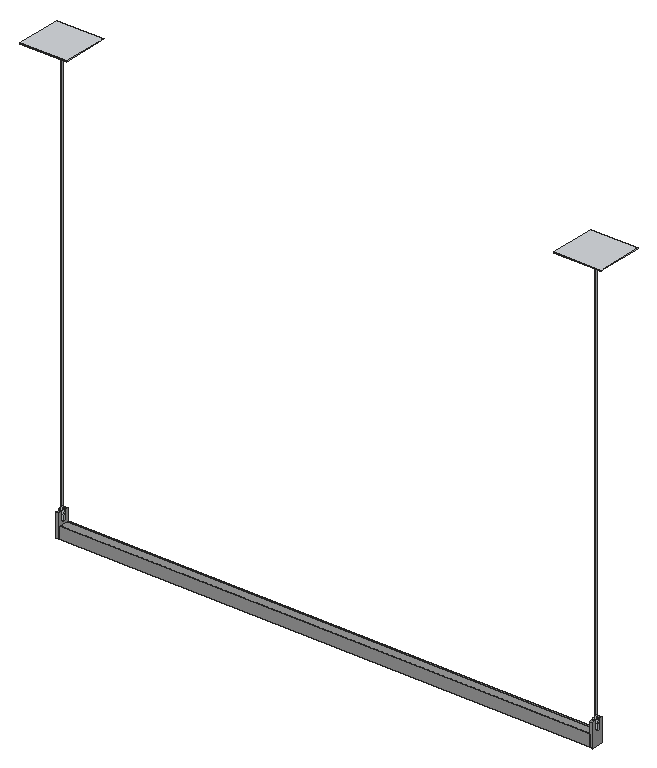
Revit family "Leesti Pendant Direct 1' 2' 3' 4' 8' Revit Family 06-09-2017 02", category Lighting Fixtures, host Ceiling, Revit 2014
Parameters (values of type "Leesti Pendant Direct 4'")
  lightsurface = 7' - 8"
  light surface [instance] = 7' - 8"
  finish = Metal, Paint Finish, White, Matte
  Wattage = 9.2903 W
  built-in parameter 1150110 = 1 (stored number, unit not read)
  built-in parameter 1114217 = 1 (stored number, unit not read)
  Tilt Angle = 90.00°
  built-in parameter 1150109 = 1 (stored number, unit not read)
  built-in parameter 1150134 = 1
  built-in parameter 1150113 = 1 (stored number, unit not read)
  Run = 3' - 10 1/2"
  Photometric Web File = "Leesti Pendant Direct 4'.IES"
  built-in parameter 1150105 = 109.82 (stored number, unit not read)
  Lumens = 1380 lm
  built-in parameter 1150115 = 1 (stored number, unit not read)
  built-in parameter 1150137 = (empty or 0)
  built-in parameter 1150139 = (empty or 0)
  built-in parameter 1150112 = 1 (stored number, unit not read)
  built-in parameter 1150114 = 1 (stored number, unit not read)
  built-in parameter 1150132 = (empty or 0)
  built-in parameter 1150102 = (empty or 0)
  built-in parameter 1150107 = 6500 (stored number, unit not read)
  built-in parameter 1150138 = (empty or 0)
  built-in parameter 1150106 = 1.0982 (stored number, unit not read)
  Emit from Line Length = Run - 0' 0 1/2"  # 3' - 10"
  built-in parameter 1150104 = 13.8 (stored number, unit not read)
  Dimming Lamp Color Temperature Shift = <None>
  Color Filter = 16777215
  built-in parameter 1114218 = 1 (stored number, unit not read)
  built-in parameter 1150133 = 10 (stored number, unit not read)
  1st wire 8' = no
  1st wire 4' = yes
  1st wire 3' = no
  1st wire 2' = no
  1st wire 1' = no
Types (6): name | Run | Photometric Web File | Emit from Line Length | 1st wire 8' | 1st wire 4' | 1st wire 3' | 1st wire 2' | 1st wire 1'
  (no name) | 3' - 10 1/2" | "Leesti Pendant Direct 4'.IES" | 3' - 10" | no | yes | no | no | no
  Leesti Pendant Direct 2' | 2' - 0" | "Leesti Pendant Direct 2'.IES" | 1' - 11 1/2" | no | no | no | yes | no
  Leesti Pendant Direct 4' | 3' - 10 1/2" | "Leesti Pendant Direct 4'.IES" | 3' - 10" | no | yes | no | no | no
  Leesti Pendant Direct 1' | 1' - 1" | "Leesti Pendant Direct 1'.IES" | 1' - 0 1/2" | no | no | no | no | yes
  Leesti Pendant Direct 3' | 2' - 11 1/2" | "Leesti Pendant Direct 3'.IES" | 2' - 11" | no | no | yes | no | no
  Leesti Pendant Direct 8' | 7' - 8 1/2" | "Leesti Pendant Direct 1'.IES" | 7' - 8" | yes | no | no | no | no
Reference planes (in)
  plane 1 "Light Source Axis (F/B)": y = 0
  plane 2 "Ceiling": z = 38.40234
  plane 3 "Light Source Axis (L/R)": x = 0
  plane 4 "Light Source Elevation": z = 0
  plane 5: x = 23.25
  plane 6: x = -23.25
  plane 7: x = 23.125
  plane 8: x = -23.125
  plane 9: x = 17.125
  plane 10: x = -17.125
Forms (in)
  Extrusion 1, solid, material "Metal, Paint Finish, White, Matte" <- "finish"
    sketch origin (0, 0, 0) x (1, 0, 0) y (0, 1, 0)
      loop
        line (23.25, 0.5) -> (23, 0.5) -> (23, -0.5) -> (23.25, -0.5) -> (23.25, 0.5)
      loop
        line (-23.25, 0.5) -> (-23.25, -0.5) -> (-23, -0.5) -> (-23, 0.5) -> (-23.25, 0.5)
    from 0 to 2
  Extrusion 2, solid, material "Glass, Frosted, High Luminance"
    sketch origin (0, 0, 0) x (1, 0, 0) y (0, 1, 0)
      loop
        line (-23, 0.375) -> (-23, -0.375) -> (23, -0.375) -> (23, 0.375) -> (-23, 0.375)
    from 0.03125 to 0.10156
  Extrusion 3, solid, material "Metal, Paint Finish, White, Matte" <- "finish"
    sketch origin (0, 0, 0) x (1, 0, 0) y (0, 1, 0)
      loop
        line (-23, 0.5) -> (-23, 0.375) -> (23, 0.375) -> (23, 0.5) -> (-23, 0.5)
      loop
        line (-23, -0.5) -> (23, -0.5) -> (23, -0.375) -> (-23, -0.375) -> (-23, -0.5)
    from 0 to 1
  Extrusion 4, solid, material "Metal, Paint Finish, White, Matte" <- "finish"
    sketch origin (0, 0, 0.89844) x (1, 0, 0) y (0, 1, 0)
      loop
        line (-23, 0.375) -> (-23, -0.375) -> (23, -0.375) -> (23, 0.375) -> (-23, 0.375)
    from 0.03125 to 0.10156
  Extrusion 5, void
    sketch origin (0, 0, 0) x (1, 0, 0) y (0, 1, 0)
      loop
        line (23.25, 0.22) -> (23, 0.22) -> (23, -0.22) -> (23.25, -0.22) -> (23.25, 0.22)
      loop
        line (-23.25, 0.22) -> (-23.25, -0.22) -> (-23, -0.22) -> (-23, 0.22) -> (-23.25, 0.22)
    from 1.25 to 2
  Extrusion 6, solid
    sketch origin (0, 0, 0) x (1, 0, 0) y (0, 1, 0)
      loop
        circle (23.125, 0) r 0.19922
      loop
        circle (-23.125, 0) r 0.19922
    from 1.25 to 1.82813
  Extrusion 7, solid
    sketch origin (0, 0, 0) x (1, 0, 0) y (0, 1, 0)
      loop
        circle (23.125, 0) r 0.19531
      loop
        circle (-23.125, 0) r 0.19531
    from 1.82813 to 2.03906
  Extrusion 8, solid
    sketch origin (0, 0, 0) x (1, 0, 0) y (0, 1, 0)
      loop
        circle (23.125, 0) r 0.07031
      loop
        circle (-23.125, 0) r 0.07031
    from 2.03906 to 2.33984
  Extrusion 9, solid
    sketch origin (0, 0, 0) x (1, 0, 0) y (0, 1, 0)
      loop
        circle (23.125, 0) r 0.03906
      loop
        circle (-23.125, 0) r 0.03906
    from 2.33984 to 38.33984
  Extrusion 10, solid
    sketch origin (0, 0, 0) x (1, 0, 0) y (0, 1, 0)
      loop
        line (21.125, 2) -> (21.125, -2) -> (25.125, -2) -> (25.125, 2) -> (21.125, 2)
      loop
        line (-21.125, 2) -> (-25.125, 2) -> (-25.125, -2) -> (-21.125, -2) -> (-21.125, 2)
    from 38.33984 to 38.40234
Cuts and joins
  Extrusion 5 cuts Extrusion 1
  Extrusion 5 cuts Extrusion 2
  Extrusion 5 cuts Extrusion 4
Dimensions and locks (in)
  equal spacing: host sketch curve, plane 3 "Light Source Axis (L/R)", host sketch curve
  equal spacing: host sketch curve, plane 1 "Light Source Axis (F/B)", host sketch curve
  host sketch curve to host sketch curve = 10' - 0"  (x2)
  equal spacing: plane 6, plane 3 "Light Source Axis (L/R)", plane 5
  "Run": plane 6 to plane 5
  locked: plane 7 to plane 5 at 0.125
  locked: plane 6 to plane 8 at 0.125
  locked: plane 10 to plane 8 at 6
  locked: plane 7 to plane 9 at 6
  aligned and locked: Extrusion 1 to Extrusion 2 sketch curve  (x2)
  aligned and locked: Extrusion 1 to Extrusion 3 sketch curve
  aligned and locked: Extrusion 3 sketch curve to Extrusion 2  (x2)
  aligned and locked: Extrusion 3 sketch curve to Extrusion 1
  aligned and locked: Extrusion 1 to Extrusion 5 sketch curve  (x2)
  aligned and locked: plane 6 to Extrusion 5 sketch curve
  aligned and locked: Extrusion 5 sketch curve to cut or joined group of Extrusion 1, Extrusion 5
Automatic sketch dimensions
  Extrusion 1 sketch curve to plane 6 = 0' - 0"
  Extrusion 1 sketch curve to plane 5 = 0' - 0"
  Extrusion 1 sketch curve to Extrusion 1 sketch curve = 0' - 0 1/4"  (x2)
  plane 1 "Light Source Axis (F/B)" to Extrusion 1 sketch curve = 0' - 0 1/2"  (x2)
  Extrusion 1 sketch curve to plane 1 "Light Source Axis (F/B)" = 0' - 0 1/2"  (x2)
  plane 1 "Light Source Axis (F/B)" to Extrusion 2 sketch curve = 0' - 0 3/8"
  Extrusion 2 sketch curve to plane 1 "Light Source Axis (F/B)" = 0' - 0 3/8"
  plane 1 "Light Source Axis (F/B)" to Extrusion 3 sketch curve = 0' - 0 1/2"
  Extrusion 3 sketch curve to Extrusion 3 sketch curve = 0' - 0 1/8"  (x2)
  Extrusion 3 sketch curve to plane 1 "Light Source Axis (F/B)" = 0' - 0 3/8"
  plane 6 to Extrusion 4 sketch curve = 0' - 0 1/4"
  Extrusion 4 sketch curve to plane 5 = 0' - 0 1/4"
  plane 1 "Light Source Axis (F/B)" to Extrusion 4 sketch curve = 0' - 0 3/8"
  Extrusion 4 sketch curve to plane 1 "Light Source Axis (F/B)" = 0' - 0 3/8"
  plane 1 "Light Source Axis (F/B)" to Extrusion 5 sketch curve = 0' - 0.22"  (x2)
  Extrusion 5 sketch curve to plane 1 "Light Source Axis (F/B)" = 0' - 0.22"  (x2)
  plane 1 "Light Source Axis (F/B)" to Extrusion 6 sketch curve = 0' - 0"  (x2)
  Extrusion 6 sketch curve to plane 8 = 0' - 0"
  Extrusion 6 sketch curve to plane 7 = 0' - 0"
  plane 1 "Light Source Axis (F/B)" to Extrusion 7 sketch curve = 0' - 0"  (x2)
  Extrusion 7 sketch curve to plane 8 = 0' - 0"
  Extrusion 7 sketch curve to plane 7 = 0' - 0"
  plane 1 "Light Source Axis (F/B)" to Extrusion 8 sketch curve = 0' - 0"  (x2)
  Extrusion 8 sketch curve to plane 8 = 0' - 0"
  Extrusion 8 sketch curve to plane 7 = 0' - 0"
  plane 1 "Light Source Axis (F/B)" to Extrusion 9 sketch curve = 0' - 0"  (x2)
  Extrusion 9 sketch curve to plane 8 = 0' - 0"
  Extrusion 9 sketch curve to plane 7 = 0' - 0"
  Extrusion 10 sketch curve to plane 6 = 0' - 1 7/8"
  plane 5 to Extrusion 10 sketch curve = 0' - 1 7/8"
  plane 1 "Light Source Axis (F/B)" to Extrusion 10 sketch curve = 0' - 2"  (x2)
  Extrusion 10 sketch curve to plane 1 "Light Source Axis (F/B)" = 0' - 2"  (x2)
  Extrusion 10 sketch curve to plane 7 = 0' - 2"
  plane 8 to Extrusion 10 sketch curve = 0' - 2"
  radius of Extrusion 6 sketch curve = 0' - 0 51/256"  (x2)
  radius of Extrusion 7 sketch curve = 0' - 0 25/128"  (x2)
  radius of Extrusion 8 sketch curve = 0' - 0 9/128"  (x2)
  radius of Extrusion 9 sketch curve = 0' - 0 5/128"  (x2)
